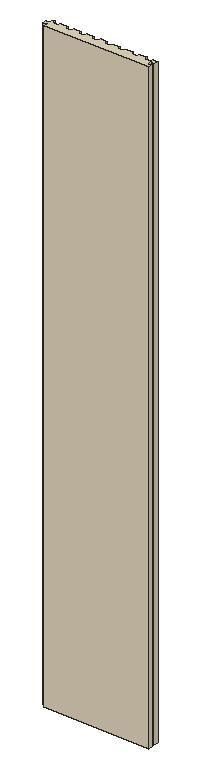
Revit family "HOB_GEN_Symphony_Alto_11", category Generic Models, Revit 2026
Family settings
  Can host rebar = No
  Round Connector Dimension = Use Diameter
  Part Type = Normal
  Work Plane-Based = No
  Always vertical = Yes
  Cut with Voids When Loaded = No
  Maintain Annotation Orientation = No
  Shared = Yes
  Room Calculation Point = No
Parameters
  SectionArea = 0.001 m²  # constant formula
  Length [instance] = 557.974 mm
  Default Elevation = 0 mm
  BambooVolume [instance] = Length * SectionArea  # 0.000557974 m³
  Bamboo = Bamboo_horizontalGrain
Reference planes
  plane 1 "Center (Front/Back)": y = 0
  plane 2: z = 0
  plane 3 "Center (Left/Right)": x = 0
  plane 4: x = 99
  plane 5: y = 10
  plane 6: z = 557.974
Forms (mm)
  Extrusion 1, solid, material "Bamboo_horizontalGrain" <- "Bamboo"
    sketch origin (-18.478, 25.194, 0) x (1, 0, 0) y (0, 1, 0)
      loop
        line (21.478, -15.194) -> (21.478, -18.694) -> (18.478, -18.694) -> (18.478, -21.694) -> (21.478, -21.694) -> (21.478, -25.194) -> (117.478, -25.194) -> (117.478, -21.694) -> (114.478, -21.694) -> (114.478, -18.694) -> (117.478, -18.694) -> (117.478, -15.194) -> (113.478, -15.194)
        arc (113.478, -15.194) -> (110.478, -18.194) -> (107.478, -15.194) r 3
        line (107.478, -15.194) -> (101.478, -15.194)
        arc (101.478, -15.194) -> (98.478, -18.194) -> (95.478, -15.194) r 3
        line (95.478, -15.194) -> (89.478, -15.194)
        arc (89.478, -15.194) -> (86.478, -18.194) -> (83.478, -15.194) r 3
        line (83.478, -15.194) -> (77.478, -15.194)
        arc (77.478, -15.194) -> (74.478, -18.194) -> (71.478, -15.194) r 3
        line (71.478, -15.194) -> (65.478, -15.194)
        arc (65.478, -15.194) -> (62.478, -18.194) -> (59.478, -15.194) r 3
        line (59.478, -15.194) -> (53.478, -15.194)
        arc (53.478, -15.194) -> (50.478, -18.194) -> (47.478, -15.194) r 3
        line (47.478, -15.194) -> (41.478, -15.194)
        arc (41.478, -15.194) -> (38.478, -18.194) -> (35.478, -15.194) r 3
        line (35.478, -15.194) -> (29.478, -15.194)
        arc (29.478, -15.194) -> (26.478, -18.194) -> (23.478, -15.194) r 3
        line (23.478, -15.194) -> (21.478, -15.194)
    from 0 to 557.974
Dimensions and locks
  plane 1 "Center (Front/Back)" to plane 5 = 10 mm
  plane 3 "Center (Left/Right)" to plane 4 = 99 mm
  "Length": plane 6 to plane 2
  aligned and locked: level to plane 2
  aligned and locked: plane 6 to Extrusion 1
Automatic sketch dimensions
  plane 3 "Center (Left/Right)" to Extrusion 1 sketch curve = 0 mm
  Extrusion 1 sketch curve to Extrusion 1 sketch curve = 3 mm  (x14)
  Extrusion 1 sketch curve to Extrusion 1 sketch curve = 2 mm
  Extrusion 1 sketch curve to Extrusion 1 sketch curve = 6 mm  (x7)
  Extrusion 1 sketch curve to Extrusion 1 sketch curve = 1 mm
  plane 1 "Center (Front/Back)" to Extrusion 1 sketch curve = 0 mm
  Extrusion 1 sketch curve to Extrusion 1 sketch curve = 3.5 mm  (x2)
  Extrusion 1 sketch curve to plane 1 "Center (Front/Back)" = 10 mm
